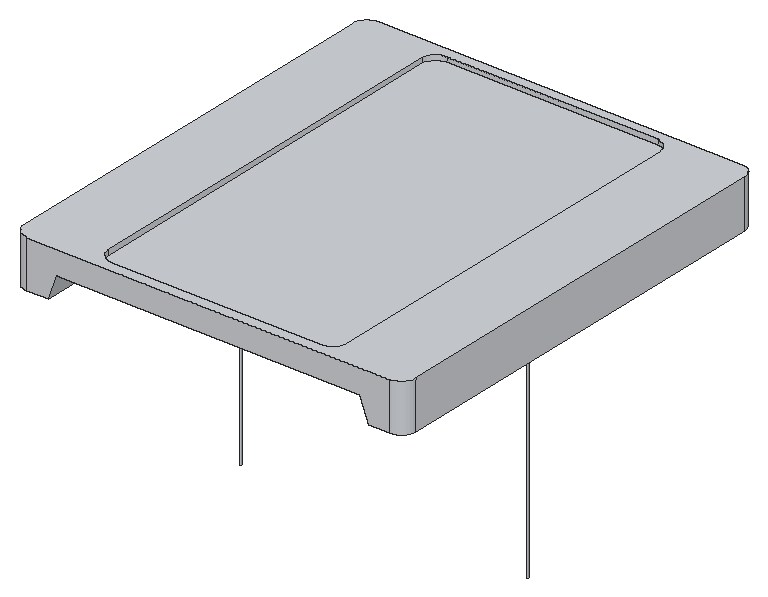
Revit family "EURS_63_LF_FB_BY480P", category Lighting Fixtures, host Face, Revit 2019
Family settings
  Host = Face
  Round Connector Dimension = Use Diameter
  Part Type = Normal
  Cut with Voids When Loaded = No
  Light Source = No
  Shared = No
  Room Calculation Point = No
Parameters (values of type "Type catalog")
  Width = 410 mm
  Voltage (V) = 230 V
  Visibility 2D symbol [instance] = not(Visibility 2D outline rectangle)  # no
  Visibility 2D outline rectangle [instance] = yes
  Suspension height [instance] = 300 mm
  Product catalog - URL = "MODEL WEBPAGE"
  Order code = "ORDER CODE"
  Light source = 2 mm
  Length = 460 mm
  Last IES update = "DATE"
  Lamp type = BY480P IES Data : PSD 1 xLED130S_840 HRO
  Height = 50 mm
  Fixture code = "FIXTURE CODE"
  ETIM code URL = "ETIM CODE WEBPAGE"
  ETIM code = "MODEL ETIM CODE"
  Wattage Comments = ""
  URL = "http://www.lighting.philips.com/main/home"
  Type Comments = "Pendant"
  Model = "MODEL NUMBER"
  Manufacturer = "Philips"
  Light loss factor = ""
  Lamp = "LAMP NAME"
  Initial luminous flux (lm) = ""
  Init. Corr. Color Temperature (K) = ""
  EOC = "EOC CODE"
  Description = "MODEL NAME"
  Default Elevation = 0 mm
  Content version = "1.0"
  Content modified date = "DATE"
  Content creation date = "17-06-2021"
  Content Creator = "https://www.cadac.com/bimcontent"
  Ceiling thickness = 12.5 mm
  BIM Library - URL = "http://www.lighting.philips.com/main/support/support/revit-library#page=1"
  Assembly Code = ""
  Armatuurcode [instance] = ""
  Apparent Load = 0 VA
  12NC = "12NC CODE"
Reference planes
  plane 1 "Center (Front/Back)": y = 0
  plane 2: z = 0
  plane 3 "Center (Left/Right)": x = 0
  plane 4 "Cadac Group AEC": y = 0
  plane 5: z = 12.5
  plane 6 "left": x = -205
  plane 7 "right": x = 205
  plane 8 "back": y = 230
  plane 9 "front": y = -230
  plane 10: z = -12.5
  plane 11: z = -12.5
  plane 12 "Light Source": z = 302
  plane 13 "Top Fixture": z = 250
  plane 14: z = 300
  plane 15 "Indent": z = 275
Forms (mm)
  Extrusion 1, solid
    sketch origin (0, 0, 170) x (1, 0, 0) y (0, 1, 0)
      loop
        arc (-205, -215) -> (-200.607, -225.607) -> (-190, -230) r 15
        line (-190, -230) -> (190, -230)
        arc (190, -230) -> (200.607, -225.607) -> (205, -215) r 15
        line (205, -215) -> (205, 215)
        arc (205, 215) -> (200.607, 225.607) -> (190, 230) r 15
        line (190, 230) -> (-190, 230)
        arc (-190, 230) -> (-200.607, 225.607) -> (-205, 215) r 15
        line (-205, 215) -> (-205, -215)
    from 80 to 130
  Extrusion 2, void
    sketch origin (55.711, -16.973, 293) x (1, 0, 0) y (0, 1, 0)
      loop
        arc (-166.066, 236.973) -> (-176.421, 232.684) -> (-180.711, 222.328) r 14.645
        line (-180.711, 222.328) -> (-180.711, -188.027)
        arc (-180.711, -188.027) -> (-176.317, -198.634) -> (-165.711, -203.027) r 15
        line (-165.711, -203.027) -> (54.289, -203.027)
        arc (54.289, -203.027) -> (64.896, -198.634) -> (69.289, -188.027) r 15
        line (69.289, -188.027) -> (69.289, 221.973)
        arc (69.289, 221.973) -> (64.896, 232.579) -> (54.289, 236.973) r 15
        line (54.289, 236.973) -> (-166.066, 236.973)
    from 2 to 7
  Sweep 3, solid
    path in 3D
      loop
        line (-150, 0, 0) -> (-150, 0, 250)
    profile origin (-150, 0, 125) x (0, -1, 0) y (1, 0, 0)
      loop
        circle (0, 0) r 1
  Sweep 4, solid
    path in 3D
      loop
        line (150, 0, 0) -> (150, 0, 250)
    profile origin (150, 0, 125) x (0, 1, 0) y (-1, 0, 0)
      loop
        circle (0, 0) r 1
  Sweep 5, void
    path in 3D
      loop
        line (0, -230, 275) -> (0, 230, 275)
    profile origin (0, 0, 275) x (0, 0, 1) y (1, 0, 0)
      loop
        line (0, 0) -> (0, 158.627) -> (-25, 167.726) -> (-25, 0) -> (-25, -167.726) -> (0, -158.627) -> (0, 0)
Cuts and joins
  Extrusion 2, Sweep 5 cuts Extrusion 1
Lines and regions (mm)
  reference lines
    curve 1: line (-150, 0, 0) -> (-150, 0, 250)
    curve 3: line (150, 0, 0) -> (150, 0, 250)
    curve 5: line (0, -230, 275) -> (0, 230, 275)
  sketch lines
    curve 2: line (-150, 0, 0) -> (-150, 0, 250)
    curve 4: line (150, 0, 0) -> (150, 0, 250)
    curve 6: line (0, -230, 275) -> (0, 230, 275)
Dimensions and locks
  equal spacing: plane 8 "back", plane 1 "Center (Front/Back)", plane 9 "front"
  equal spacing: plane 6 "left", plane 3 "Center (Left/Right)", plane 7 "right"
  "Width": plane 6 "left" to plane 7 "right"
  "Length": plane 9 "front" to plane 8 "back"
  "Ceiling thickness": plane 11 to host face
  "Light source": plane 14 to plane 12 "Light Source"
  "Height": plane 13 "Top Fixture" to plane 14
  "Suspension height": host face to plane 14
  Extrusion 1 to Extrusion 1 = 410 mm
  Extrusion 1 to Extrusion 1 = 460 mm
  Extrusion 2 to Extrusion 2 = 250 mm
  Extrusion 2 to Extrusion 2 = 440 mm
  locked: plane 14 to cut or joined group of Extrusion 1, Extrusion 2, Sweep 5 at 5
  locked: plane 15 "Indent" to plane 13 "Top Fixture" at 25
  aligned and locked: plane 2 to host face
  aligned and locked: level to host face
  aligned and locked: plane 4 "Cadac Group AEC" to plane 1 "Center (Front/Back)"
  aligned and locked: host face to plane 10
  aligned and locked: nested 1 to plane 6 "left"
  aligned and locked: plane 8 "back" to nested 1
  aligned and locked: Extrusion 1 to plane 13 "Top Fixture"
  aligned and locked: Extrusion 1 to plane 14
  aligned and locked: plane 8 "back" to Extrusion 1
  aligned and locked: cut or joined group of Extrusion 1, Extrusion 2, Sweep 5 to cut or joined group of Extrusion 1, Extrusion 2, Sweep 5  (x2)
  aligned and locked: plane 8 "back" to curve 5
  aligned and locked: plane 9 "front" to curve 5
  aligned and locked: plane 8 "back" to nested 2
  aligned and locked: nested 2 to plane 9 "front"
  aligned and locked: cut or joined group of Extrusion 1, Extrusion 2, Sweep 5 to curve 3
  aligned and locked: plane 13 "Top Fixture" to curve 1
  aligned and locked: Sweep 3 to cut or joined group of Extrusion 1, Extrusion 2, Sweep 5
Automatic sketch dimensions
  host sketch curve to host sketch curve = 700 mm  (x2)
  Sweep 3 sketch curve to profile plane = 0 mm  (x2)
  Sweep 4 sketch curve to profile plane = 0 mm  (x2)
  plane 15 "Indent" to curve 5 = 0 mm
  Sweep 5 sketch curve to profile plane = 0 mm  (x3)
  profile plane to Sweep 5 sketch curve = 25 mm
  Sweep 5 sketch curve to profile plane = 158.627 mm
  Sweep 5 sketch curve to Sweep 5 sketch curve = 9.099 mm  (x2)
  Sweep 5 sketch curve to Sweep 5 sketch curve = 158.627 mm
  curve 1 to plane 1 "Center (Front/Back)" = 0 mm
  curve 1 to level = 0 mm
  plane 13 "Top Fixture" to curve 1 = 0 mm
  curve 3 to plane 1 "Center (Front/Back)" = 0 mm
  plane 13 "Top Fixture" to curve 3 = 0 mm
  curve 3 to level = 0 mm
  Extrusion 1 sketch curve to plane 6 "left" = 0 mm
  plane 9 "front" to Extrusion 1 sketch curve = 0 mm
  Extrusion 1 sketch curve to plane 8 "back" = 0 mm
  Extrusion 1 sketch curve to plane 7 "right" = 0 mm
  plane 6 "left" to Extrusion 1 sketch curve = 15 mm  (x2)
  plane 7 "right" to Extrusion 1 sketch curve = 15 mm  (x2)
  Extrusion 2 sketch curve to plane 9 "front" = 25 mm
  plane 6 "left" to Extrusion 2 sketch curve = 80 mm
  Extrusion 2 sketch curve to plane 8 "back" = 10 mm
  Extrusion 2 sketch curve to Extrusion 2 sketch curve = 14.645 mm
  Extrusion 2 sketch curve to Extrusion 2 sketch curve = 15 mm
  plane 7 "right" to Extrusion 2 sketch curve = 95 mm  (x2)
  Extrusion 2 sketch curve to plane 8 "back" = 25 mm
  radius of Sweep 3 sketch curve = 1 mm
  radius of Sweep 4 sketch curve = 1 mm
Nested families
  nested 1: "2D-PL-Rechthoekig" at (0, 0, 0) x (0, -1, 0) z (0, 0, 1), Width <- "Width", lengte <- "Length", visible <- "Visibility 2D outline rectangle", type "2D symbool"
    with lengte 460 mm, Width 410 mm
  nested 2: "PL-TL armatuur plafond rechthoekig" at (0, 0, 0) x (0, -1, 0) z (0, 0, 1), visible <- "Visibility 2D symbol", type "armatuur tl_generiek"
    with lengte 1200 mm, l1 460 mm
  nested 3: "BY480P IES Data" at (0, 0, 302) x (0, -1, 0) z (0, 0, -1), type <- "Lamp type", type "PSD 1 xLED130S_840 HRO"
Connectors
  electrical at (0, 0, 0), driven by "Apparent Load", driven by "Voltage (V)"
    settings: index 1, voltage 230 V, apparent load 0 VA, apparent load phase1 0 VA, apparent load phase2 0 VA, apparent load phase3 0 VA, power factor 1, load classification "Lighting", number of poles 1, system type 31, power factor state 1, is connector primary yes, connector utility no, sub classification motor no, connector description ""
Definition of nested family "2D-PL-Rechthoekig"
  Parameters (values of type "2D symbool")
    lengte [instance] = 600 mm
    Width [instance] = 300 mm
    Type Comments = "GEEN CALCULATIEOBJECT"
    Manufacturer = ""
    Description = "Armatuur 2D symbool"
    Copyright © Cadac = "www.cadac.com/aec"
    Cadac content versie = ""
    Assembly Code = ""
  Reference planes
    plane 1 "Center (Front/Back)": y = 0
    plane 2: z = 0
    plane 3 "Center (Left/Right)": x = 0
    plane 4: y = 150
    plane 5: y = -150
    plane 6: y = 176.777
    plane 7: x = -176.777
    plane 8: x = 176.777
    plane 9: y = -176.777
    plane 10 "Cadac Group AEC": y = 0
    plane 11: y = 400
    plane 12: y = -191.421
    plane 13: y = -206.066
    plane 14: y = -220.711
    plane 15: y = -235.355
  Lines and regions (mm)
    symbolic lines
      curve 1: line (300, 150, 0) -> (300, -150, 0)
      curve 2: line (-300, 150, 0) -> (-300, -150, 0)
      curve 3: line (-300, 150, 0) -> (300, 150, 0)
      curve 4: line (-300, -150, 0) -> (300, -150, 0)
  Dimensions and locks
    equal spacing: curve 2, plane 3 "Center (Left/Right)", curve 1
    "lengte": curve 2 to curve 1
    equal spacing: plane 5, plane 1 "Center (Front/Back)", plane 4
    locked: plane 4 to plane 5 at 300
    equal spacing: curve 4, plane 1 "Center (Front/Back)", curve 3
    "Width": curve 4 to curve 3
    locked: plane 7 to plane 8 at 353.553
    locked: plane 6 to plane 9 at 353.553
    equal spacing: plane 7, plane 3 "Center (Left/Right)", plane 8
    equal spacing: plane 6, plane 1 "Center (Front/Back)", plane 9
    locked: plane 1 "Center (Front/Back)" to plane 11 at 400
    equal spacing: plane 9, plane 12, plane 13, plane 14, plane 15
    locked: plane 9 to plane 15 at 58.579
    aligned and locked: plane 10 "Cadac Group AEC" to plane 1 "Center (Front/Back)"
Definition of nested family "PL-TL armatuur plafond rechthoekig"
  Parameters (values of type "armatuur tl_generiek")
    radius cirkel = 175 mm
    lengte [instance] = 1200 mm
    l1 [instance] = 1200 mm
    b2 = b1 * 2  # 410 mm
    b1 = 205 mm
    Type Comments = "GEEN CALCULATIEOBJECT"  # constant formula
    Manufacturer = ""
    Length lines in cirkel = (radius cirkel * 2) - 70 mm  # 280 mm
    Description = "Armatuur TL"
    Copyright © Cadac = "www.cadac.com/aec"
    Cadac content versie = "3.2"  # constant formula
    Assembly Code = ""
  Reference planes
    plane 1 "Center (Front/Back)": y = 0
    plane 2: z = 0
    plane 3 "Center (Left/Right)": x = 0
    plane 4: y = 205
    plane 5: y = -205
    plane 6: y = 176.777
    plane 7: x = -140
    plane 8: x = 140
    plane 9: y = -176.777
    plane 10 "Cadac Group AEC": y = 0
    plane 11: y = 400
    plane 12: y = -191.421
    plane 13: y = -206.066
    plane 14: y = -220.711
    plane 15: y = -235.355
  Lines and regions (mm)
    symbolic lines
      curve 1: circle (0, 0, 0) r 175 normal (0, 0, 1)
      curve 2: line (600, 205, 0) -> (600, -205, 0)
      curve 3: line (600, -34.167, 0) -> (171.632, -34.167, 0)
      curve 4: line (600, 34.167, 0) -> (171.632, 34.167, 0)
      curve 5: line (600, 102.5, 0) -> (141.841, 102.5, 0)
      curve 6: line (600, -102.5, 0) -> (141.841, -102.5, 0)
      curve 7: line (-600, 205, 0) -> (-600, -205, 0)
      curve 8: line (-600, -34.167, 0) -> (-171.632, -34.167, 0)
      curve 9: line (-600, 34.167, 0) -> (-171.632, 34.167, 0)
      curve 10: line (-600, 102.5, 0) -> (-141.841, 102.5, 0)
      curve 11: line (-600, -102.5, 0) -> (-141.841, -102.5, 0)
      curve 12: line (-140, 105, 0) -> (140, -105, 0)
      curve 13: line (-140, -105, 0) -> (140, 105, 0)
  Dimensions and locks
    equal spacing: curve 7, plane 3 "Center (Left/Right)", curve 2
    "l1": curve 7 to curve 2
    equal spacing: plane 5, plane 1 "Center (Front/Back)", plane 4
    equal spacing: curve 5, curve 4, curve 3, curve 6
    equal spacing: curve 5, plane 1 "Center (Front/Back)", curve 6
    "b1": curve 5 to curve 6
    equal spacing: curve 11, curve 8, curve 9, curve 10
    equal spacing: curve 11, plane 1 "Center (Front/Back)", curve 10
    "b1": curve 11 to curve 10
    "Length lines in cirkel": plane 7 to plane 8
    locked: plane 6 to plane 9 at 353.553
    equal spacing: plane 7, plane 3 "Center (Left/Right)", plane 8
    equal spacing: plane 6, plane 1 "Center (Front/Back)", plane 9
    locked: plane 1 "Center (Front/Back)" to plane 11 at 400
    equal spacing: plane 9, plane 12, plane 13, plane 14, plane 15
    locked: plane 9 to plane 15 at 58.579
    "b2": plane 5 to plane 4
    "radius cirkel": radius of curve 1
    aligned and locked: plane 4 to curve 7
    aligned and locked: plane 4 to curve 2
    aligned and locked: plane 5 to curve 2
    aligned and locked: plane 5 to curve 7
    aligned and locked: plane 10 "Cadac Group AEC" to plane 1 "Center (Front/Back)"
    aligned and locked: plane 7 to curve 12
    aligned and locked: plane 7 to curve 13
    aligned and locked: plane 8 to curve 13
    aligned and locked: plane 8 to curve 12
  Automatic sketch dimensions
    plane 1 "Center (Front/Back)" to curve 1 = 0 mm
    curve 1 to plane 3 "Center (Left/Right)" = 0 mm
Definition of nested family "BY480P IES Data"
  Parameters (values of type "PSD HE 1 xLED170S_840 WB")
    Wattage = 98 W
    built-in parameter 1150110 = 1 (stored number, unit not read)
    built-in parameter 1114217 = 1 (stored number, unit not read)
    Tilt Angle = 90.00°
    built-in parameter 1150109 = 1 (stored number, unit not read)
    built-in parameter 1150134 = 12
    built-in parameter 1150113 = 1 (stored number, unit not read)
    Photometric Web File = "BY480P PSD HE 1 xLED170S_840 WB.ies"
    Model = "BY480P"
    Manufacturer = "Philips"
    built-in parameter 1150105 = 1313 (stored number, unit not read)
    Lumens = 16500 lm
    built-in parameter 1150115 = 1 (stored number, unit not read)
    built-in parameter 1150137 = (empty or 0)
    built-in parameter 1150139 = (empty or 0)
    built-in parameter 1150112 = 1 (stored number, unit not read)
    built-in parameter 1150114 = 1 (stored number, unit not read)
    Lamp = "LED170S/840/-"
    built-in parameter 1150132 = (empty or 0)
    built-in parameter 1150102 = (empty or 0)
    built-in parameter 1150107 = 4000 (stored number, unit not read)
    built-in parameter 1150138 = (empty or 0)
    built-in parameter 1150106 = 13.13 (stored number, unit not read)
    Emit from Rectangle Width = 326 mm
    Emit from Rectangle Length = 305 mm
    Emit Shape Visible in Rendering = yes
    built-in parameter 1150104 = 15.642 (stored number, unit not read)
    Dimming Lamp Color Temperature Shift = (empty or 0)
    Description = ""
    Default Elevation = 0 mm
    Content Creator = "https://www.cadac.com/bimcontent"
    Color Filter = 16777215
    built-in parameter 1114218 = 1 (stored number, unit not read)
    built-in parameter 1150133 = 10 (stored number, unit not read)
    Apparent Load = 98 VA
  Types (14, lengths in mm): name | Wattage | built-in parameter 1150134 | Photometric Web File | built-in parameter 1150105 | Lumens | Lamp | built-in parameter 1150107 | built-in parameter 1150106 | built-in parameter 1150104 | Apparent Load
    PSD HE 1 xLED170S_840 WB | 98 W | 12 | "BY480P PSD HE 1 xLED170S_840 WB.ies" | 1313 (stored number, unit not read) | 16500 lm | "LED170S/840/-" | 4000 (stored number, unit not read) | 13.13 (stored number, unit not read) | 15.642 (stored number, unit not read) | 98 VA
    PSD HE 1 xLED170S_840 MB | 98 W | 12 | "BY480P PSD HE 1 xLED170S_840 MB.ies" | 1313 (stored number, unit not read) | 16500 lm | "LED170S/840/-" | 4000 (stored number, unit not read) | 13.13 (stored number, unit not read) | 15.642 (stored number, unit not read) | 98 VA
    PSD HE 1 xLED130S_840 WB | 75 W | 12 | "BY480P PSD HE 1 xLED130S_840 WB.ies" | 1034.5 (stored number, unit not read) | 13000 lm | "LED130S/840/-" | 4000 (stored number, unit not read) | 10.345 (stored number, unit not read) | 16.103 (stored number, unit not read) | 75 VA
    PSD HE 1 xLED130S_840 MB | 75 W | 12 | "BY480P PSD HE 1 xLED130S_840 MB.ies" | 1034.5 (stored number, unit not read) | 13000 lm | "LED130S/840/-" | 4000 (stored number, unit not read) | 10.345 (stored number, unit not read) | 16.103 (stored number, unit not read) | 75 VA
    PSD 1 xLED170S_865 WB | 120 W | 1 | "BY480P PSD 1 xLED170S_865 WB.ies" | 1352.8 (stored number, unit not read) | 17000 lm | "LED170S/865/-" | 6500 (stored number, unit not read) | 13.528 (stored number, unit not read) | 13.161 (stored number, unit not read) | 120 VA
    PSD 1 xLED170S_840 XNB | 110 W | 12 | "BY480P PSD 1 xLED170S_840 XNB.ies" | 1352.8 (stored number, unit not read) | 17000 lm | "LED170S/840/-" | 4000 (stored number, unit not read) | 13.528 (stored number, unit not read) | 14.358 (stored number, unit not read) | 110 VA
    PSD 1 xLED170S_840 NBA | 120 W | 12 | "BY480P PSD 1 xLED170S_840 NBA.ies" | 1241.4 (stored number, unit not read) | 15600 lm | "LED170S/840/-" | 4000 (stored number, unit not read) | 12.414 (stored number, unit not read) | 12.077 (stored number, unit not read) | 120 VA
    PSD 1 xLED170S_840 NB | 120 W | 12 | "BY480P PSD 1 xLED170S_840 NB.ies" | 1352.8 (stored number, unit not read) | 17000 lm | "LED170S/840/-" | 4000 (stored number, unit not read) | 13.528 (stored number, unit not read) | 13.161 (stored number, unit not read) | 120 VA
    PSD 1 xLED170S_840 HRO | 120 W | 12 | "BY480P PSD 1 xLED170S_840 HRO.ies" | 1352.8 (stored number, unit not read) | 17000 lm | "LED170S/840/-" | 4000 (stored number, unit not read) | 13.528 (stored number, unit not read) | 13.161 (stored number, unit not read) | 120 VA
    PSD 1 xLED130S_865 WB | 84 W | 1 | "BY480P PSD 1 xLED130S_865 WB.ies" | 1034.5 (stored number, unit not read) | 13000 lm | "LED130S/865/-" | 6500 (stored number, unit not read) | 10.345 (stored number, unit not read) | 14.378 (stored number, unit not read) | 84 VA
    PSD 1 xLED130S_840 XNB | 84 W | 12 | "BY480P PSD 1 xLED130S_840 XNB.ies" | 1034.5 (stored number, unit not read) | 13000 lm | "LED130S/840/-" | 4000 (stored number, unit not read) | 10.345 (stored number, unit not read) | 14.378 (stored number, unit not read) | 84 VA
    PSD 1 xLED130S_840 NBA | 84 W | 12 | "BY480P PSD 1 xLED130S_840 NBA.ies" | 954.93 (stored number, unit not read) | 12000 lm | "LED130S/840/-" | 4000 (stored number, unit not read) | 9.5493 (stored number, unit not read) | 13.272 (stored number, unit not read) | 84 VA
    PSD 1 xLED130S_840 NB | 84 W | 12 | "BY480P PSD 1 xLED130S_840 NB.ies" | 1034.5 (stored number, unit not read) | 13000 lm | "LED130S/840/-" | 4000 (stored number, unit not read) | 10.345 (stored number, unit not read) | 14.378 (stored number, unit not read) | 84 VA
    PSD 1 xLED130S_840 HRO | 84 W | 12 | "BY480P PSD 1 xLED130S_840 HRO.ies" | 1034.5 (stored number, unit not read) | 13000 lm | "LED130S/840/-" | 4000 (stored number, unit not read) | 10.345 (stored number, unit not read) | 14.378 (stored number, unit not read) | 84 VA
  Reference planes
    plane 1 "Center (Front/Back)": y = 0
    plane 2: z = 0
    plane 3 "Center (Left/Right)": x = 0
  Forms (mm)
    Extrusion 1, solid
      sketch origin (0, 0, 0) x (1, 0, 0) y (0, 1, 0)
        loop
          line (-1219.2, 1219.2) -> (-1219.2, -1219.2) -> (1219.2, -1219.2) -> (1219.2, 1219.2) -> (-1219.2, 1219.2)
      from 0 to 123.942
  Dimensions and locks
    aligned and locked: plane 2 to Extrusion 1
    aligned and locked: level to Extrusion 1
